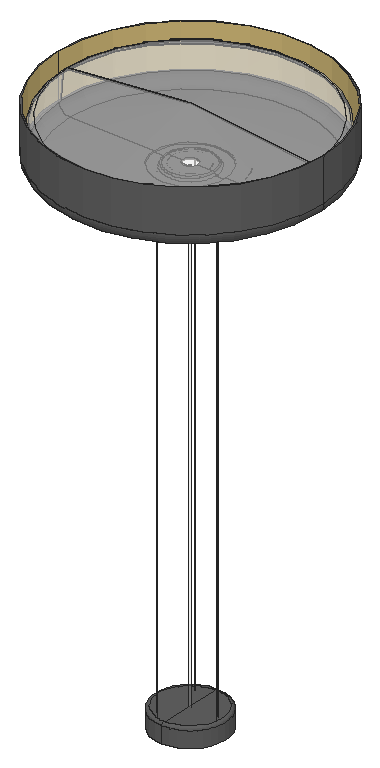
Revit family "PANZERI_GINEVRA_SUSPENSION_LIGHT", category Lighting Fixtures, host Face, Revit 2018
Family settings
  Host = Face
  Round Connector Dimension = Use Diameter
  Part Type = Normal
  OmniClass Number = 23.80.70.00
  OmniClass Title = Lighting
  Cut with Voids When Loaded = No
  Light Source = No
  Shared = No
  Room Calculation Point = Yes
Parameters (values of type "Ø53cm_3000K_Black")
  WEIGHT = if(DIAMETER = 530 mm, 6.27 kg, 10.97 kg)  # 6.27 kg
  WATTAGE = if(DIAMETER = 530 mm, 36 W, 82 W)  # 36 W
  VOLTAGE = 0 V
  USAGE = "INDOOR - SUSPENSION"  # constant formula
  URL = "https://panzeri.it/en/"
  Type Comments = "Direct and indirect light emission."  # constant formula
  TOTAL HEIGHT [instance] = CABLE LENGTH + HEIGHT  # 1110 mm
  TECHNICAL SHEET = "https://panzeri.it/en/products/product-family/design/indoor/ginevra/111/"
  STRUCTURE MATERIAL = PANZERI_ALUMINIUM_POLYACRYLIC_PAINT_MAT_BLACK_06
  Light Source Symbol Size = 300 mm
  LIGHTING SPECIFICATION = "LED 36W | 3000K | Ra>90 | 2916lm | 220-240V AC | dimmable (DALI|Push DIM)"
  IP RATING = "IP20"  # constant formula
  IK RATING = ""
  HEIGHT = 110 mm
  FREQUENCY RANGE = "50/60Hz"  # constant formula
  FREQUENCY = 0 Hz
  DIAMETER = 530 mm
  PRODUCT SHEET = "https://www.archiproducts.com/en/products/panzeri/led-direct-indirect-light-pendant-lamp-ginevra-pendant-lamp_349955"
  PRODUCT CODE = "L09280.050.0402"
  POWER SUPPLY = "220-240V AC"  # constant formula
  PACKAGING = if(DIAMETER = 530 mm, "20,0 x 62,0 x 62,0 cm", if(DIAMETER = 800 mm, "18,0 x 90,0 x 90,0 cm", ""))  # "20,0 x 62,0 x 62,0 cm"
  Model = "GINEVRA SUSPENSION"  # constant formula
  Manufacturer = "PANZERI"  # constant formula
  MATERIAL DESCRIPTION = "Pickled sheet metal cap in polyacrylic paint. Turned aluminium structure in polyacrylic paint. Pickled sheet metal wiring support plate in polyacrylic paint. Moulded polycarbonate micro-prismatic diffuser. 2m <78,7in> long steel suspension cables. 2,2m <86,6in> long power cable in transparent PVC."  # constant formula
  Lamp = "LED"  # constant formula
  LAMP MATERIAL = PANZERI_POLYCARBONATE_OPALINE_SCREEN_Light_on
  INSTALLATION INSTRUCTIONS = "https://panzeri.it/en/products/product-family/design/indoor/ginevra/111/"
  ENERGY EFFICIENCY CLASS = "N/D"  # constant formula
  Description = "Suspension lighting fixture for interiors, with direct and indirect light emission. "  # constant formula
  Default Elevation = 1219.2 mm
  DESIGNER = "Christian Burtolf"  # constant formula
  COLOR RENDERING INDEX = "Ra>90"  # constant formula
  COLLECTION = "GINEVRA"  # constant formula
  CANOPY_VISIBILITY = yes
  CANOPY MATERIAL = PANZERI_ALUMINIUM_POLYACRYLIC_PAINT_MAT_BLACK_06
  CABLE MATERIAL = PANZERI_PVC_TRANSPARENT
  CABLE LENGTH_CONTROL [instance] = 1000 mm
  CABLE LENGTH [instance] = if(CABLE LENGTH_CONTROL > 2000 mm, 2000 mm, if(CABLE LENGTH_CONTROL < 1 mm, 1 mm, CABLE LENGTH_CONTROL))  # 1000 mm
  BODY AND LIGHT SOURCE = 1_Body_LightSource_PANZERI_GINEVRA_SUSPENSION_LIGHT : Ø53cm_3000K
  BIM USER MANUAL = "https://bimcad.edilportale.com/PANZERI-BIM-USER-MANUAL-PANZERI-bim.pdf"
  BIM BADGE = "https://bim.archiproducts.com/en/badge/bim-archiproducts-featured_658700/about"
  BIM AUTHOR = "https://bim.archiproducts.com"
  Apparent Load = 0 VA
  AVAILABLE FINISHES = "Structure: mat black and gold or white and gold; Canopy: white or mat black. CUSTOM finishes available only on request."  # constant formula
  ACCESSORIES = "DRIVER: integrated included | Power canopy and covering inclued"  # constant formula
Types (2, lengths in mm): name | WEIGHT | WATTAGE | TOTAL HEIGHT | LIGHTING SPECIFICATION | HEIGHT | DIAMETER | PRODUCT CODE | PACKAGING | BODY AND LIGHT SOURCE
  Ø53cm_3000K_Black | 6.27 kg | 36 W | 1110 | "LED 36W | 3000K | Ra>90 | 2916lm | 220-240V AC | dimmable (DALI|Push DIM)" | 110 | 530 | "L09280.050.0402" | "20,0 x 62,0 x 62,0 cm" | 1_Body_LightSource_PANZERI_GINEVRA_SUSPENSION_LIGHT : Ø53cm_3000K
  Ø80cm_3000K_Black | 10.97 kg | 82 W | 1140 | "LED 82W | 3000K | Ra>90 | 7782lm | 220-240V AC | dimmable (DALI|Push DIM)" | 140 | 800 | "L09280.080.0402" | "18,0 x 90,0 x 90,0 cm" | 1_Body_LightSource_PANZERI_GINEVRA_SUSPENSION_LIGHT : Ø80cm_3000K
Reference planes
  plane 1 "Center (Front/Back)": y = 0
  plane 2: z = 0
  plane 3 "Center (Left/Right)": x = 0
  plane 4 "LIGHT SOURCE PLAN": z = 1110
  plane 5 "BOTTOM": z = 1000
  plane 6: z = 1110
Forms (mm)
  Revolve 1, solid, material "PANZERI_ALUMINIUM_POLYACRYLIC_PAINT_MAT_BLACK_06" <- "CANOPY MATERIAL", visible <- "CANOPY_VISIBILITY", detail levels fine
    sketch origin (0, 0, 0) x (0, 1, 0) y (0, 0, 1)
      loop
        arc (70, 31.392) -> (68.357, 35.357) -> (64.392, 37) r 5.608
        line (64.392, 37) -> (0, 37) -> (0, 0) -> (70, 0) -> (70, 31.392)
      axis (0, 0) -> (0, 37)
    angle from 0 to 360
  Extrusion 2, solid, material "PANZERI_PVC_TRANSPARENT" <- "CABLE MATERIAL", detail levels medium+fine
    sketch origin (-25.712, 14.332, 0) x (1, 0, 0) y (0, 1, 0)
      loop
        circle (-1.797, 33.292) r 1.028
    from 0 to 1000
  Extrusion 3, solid, detail levels medium
    sketch origin (0, 0, 0) x (1, 0, 0) y (0, 1, 0)
      loop
        circle (0, 0) r 265
    from 1000 to 1110
  Extrusion 4, solid, material "PANZERI_PVC_TRANSPARENT" <- "CABLE MATERIAL", detail levels medium+fine
    sketch origin (25.268, 15.101, 0) x (-0.5, -0.866025, 0) y (0.866025, -0.5, 0)
      loop
        circle (-1.797, 33.292) r 1.028
    from 0 to 1000
  Extrusion 5, solid, material "PANZERI_PVC_TRANSPARENT" <- "CABLE MATERIAL", detail levels medium+fine
    sketch origin (0.444, -29.434, 0) x (-0.5, 0.866025, 0) y (-0.866025, -0.5, 0)
      loop
        circle (-1.797, 33.292) r 1.028
    from 0 to 1000
  Extrusion 6, solid, material "PANZERI_PVC_TRANSPARENT" <- "CABLE MATERIAL", detail levels medium+fine
    sketch origin (0, 0, 0) x (1, 0, 0) y (0, 1, 0)
      loop
        circle (0, 0) r 2.908
    from 0 to 1000
Lines and regions (mm)
  symbolic lines, detail levels coarse
    curve 1: line (0, 0, 0) -> (0, 0, 1000)
    curve 2: line (0, 0, 0) -> (0, 0, 1000)
Dimensions and locks
  "CABLE LENGTH": plane 5 "BOTTOM" to plane 2
  "HEIGHT": plane 6 to plane 5 "BOTTOM"
  "DIAMETER": diameter of Extrusion 3 sketch curve
  aligned and locked: plane 2 to host face
  aligned and locked: level to host face
  aligned and locked: plane 5 "BOTTOM" to Extrusion 2
  aligned and locked: plane 6 to Extrusion 3
  aligned and locked: Extrusion 3 to plane 5 "BOTTOM"
  aligned and locked: plane 4 "LIGHT SOURCE PLAN" to plane 6
  aligned and locked: plane 5 "BOTTOM" to Extrusion 6
  aligned and locked: plane 5 "BOTTOM" to curve 1
  aligned and locked: plane 5 "BOTTOM" to curve 2
Automatic sketch dimensions
  host sketch curve to host sketch curve = 2438.4 mm  (x2)
  plane 1 "Center (Front/Back)" to Extrusion 3 sketch curve = 0 mm
  Extrusion 3 sketch curve to plane 3 "Center (Left/Right)" = 0 mm
  Revolve 1 sketch curve to plane 1 "Center (Front/Back)" = 0 mm  (x2)
  Revolve 1 sketch curve to level = 0 mm
  Revolve 1 sketch curve to plane 1 "Center (Front/Back)" = 64.392 mm
  Revolve 1 sketch curve to Revolve 1 sketch curve = 5.608 mm
  level to Revolve 1 sketch curve = 31.392 mm
  Revolve 1 sketch curve to level = 10 mm
  Revolve 1 sketch curve to Revolve 1 sketch curve = 153 mm
  plane 1 "Center (Front/Back)" to Extrusion 6 sketch curve = 0 mm
  Extrusion 6 sketch curve to plane 3 "Center (Left/Right)" = 0 mm
  curve 1 to plane 3 "Center (Left/Right)" = 0 mm
  curve 1 to level = 0 mm
  curve 2 to plane 1 "Center (Front/Back)" = 0 mm
  curve 2 to level = 0 mm
  radius of Extrusion 2 sketch curve = 1.028 mm
  radius of Extrusion 4 sketch curve = 1.028 mm
  radius of Extrusion 5 sketch curve = 1.028 mm
  radius of Extrusion 6 sketch curve = 2.908 mm
Nested families
  nested 1: "Lighting symbol" at (0, 0, 0) x (0.7071, -0.7071, 0) z (0, 0, 1), Light Source Symbol Size <- "Light Source Symbol Size", type "Lighting symbol", detail levels coarse
    with Light Source Symbol Size 300 mm
  nested 2: "1_Body_LightSource_PANZERI_GINEVRA_SUSPENSION_LIGHT" at (0.023, 0, 1000) x (0, -1, 0) z (0, 0, 1), LAMP MATERIAL <- "LAMP MATERIAL", STRUCTURE MATERIAL <- "STRUCTURE MATERIAL", type <- "BODY AND LIGHT SOURCE", type "Ø53cm_3000K"
    with STRUCTURE MATERIAL PANZERI_ALUMINIUM_POLYACRYLIC_PAINT_MAT_BLACK_06, LAMP MATERIAL PANZERI_POLYCARBONATE_OPALINE_SCREEN_Light_on
Connectors
  electrical at (0, 0, 0), driven by "VOLTAGE", driven by "Apparent Load"
    settings: index 1, voltage 0 V, apparent load 0 VA, apparent load phase1 0 VA, apparent load phase2 0 VA, apparent load phase3 0 VA, power factor 1, load classification "Lighting", number of poles 1, system type 30, power factor state 1, is connector primary yes, connector utility no, sub classification motor no, connector description ""
Definition of nested family "1_Body_LightSource_PANZERI_GINEVRA_SUSPENSION_LIGHT"
  Parameters (values of type "Ø53cm_3000K")
    Wattage = 19.6308 W
    built-in parameter 1150110 = 1 (stored number, unit not read)
    built-in parameter 1114217 = 1 (stored number, unit not read)
    Tilt Angle = -90.00°  # constant formula
    built-in parameter 1150109 = 1 (stored number, unit not read)
    built-in parameter 1150134 = (empty or 0)
    built-in parameter 1150113 = 1 (stored number, unit not read)
    STRUCTURE MATERIAL [instance] = none
    R = if(DIAMETER = 530 mm, 265 mm, 400 mm)  # 265 mm
    Photometric Web File = "Ginevra L092__.050.0402-4528.IES"
    Model = "GINEVRA SUSPENSION"
    built-in parameter 1150105 = 764.77 (stored number, unit not read)
    Lumens = 2916 lm
    built-in parameter 1150115 = 1 (stored number, unit not read)
    built-in parameter 1150137 = (empty or 0)
    built-in parameter 1150139 = (empty or 0)
    built-in parameter 1150112 = 1 (stored number, unit not read)
    built-in parameter 1150114 = 1 (stored number, unit not read)
    LAMP MATERIAL [instance] = none
    built-in parameter 1150132 = 2
    built-in parameter 1150102 = (empty or 0)
    built-in parameter 1150107 = 3000 (stored number, unit not read)
    built-in parameter 1150138 = (empty or 0)
    built-in parameter 1150106 = 7.6477 (stored number, unit not read)
    H = if(DIAMETER = 530 mm, 110 mm, 140 mm)  # 110 mm
    built-in parameter 1150104 = 13.8 (stored number, unit not read)
    Dimming Lamp Color Temperature Shift = (empty or 0)
    Default Elevation = 1219.2 mm
    DIAMETER = 530 mm
    Color Filter = 16777215
    built-in parameter 1114218 = 1 (stored number, unit not read)
    BODY 80CM = if(DIAMETER = 530 mm, 1 = 0, 1 = 1)  # no
    BODY 53CM = not(BODY 80CM)  # yes
    built-in parameter 1150133 = 10 (stored number, unit not read)
  Types (2, lengths in mm): name | Wattage | R | Photometric Web File | built-in parameter 1150105 | Lumens | built-in parameter 1150106 | H | DIAMETER | BODY 80CM | BODY 53CM
    Ø53cm_3000K | 19.6308 W | 265 | "Ginevra L092__.050.0402-4528.IES" | 764.77 (stored number, unit not read) | 2916 lm | 7.6477 (stored number, unit not read) | 110 | 530 | no | yes
    Ø80cm_3000K | 52.3892 W | 400 | "Ginevra L092__.080.0402-10285.IES" | 2041 (stored number, unit not read) | 7782 lm | 20.41 (stored number, unit not read) | 140 | 800 | yes | no
  Reference planes
    plane 1 "Light Source Axis (F/B)": y = 0
    plane 2: z = 0
    plane 3 "Light Source Axis (L/R)": x = 0
    plane 4 "Light Source Elevation": z = 15.231
    plane 5 "1": y = 0
  Forms (mm)
    Revolve 1, solid, material <- "STRUCTURE MATERIAL", visible <- "BODY 53CM", detail levels fine
      sketch origin (0, 0, 0) x (0, 1, 0) y (0, 0, 1)
        loop
          line (265.215, 110) -> (263.238, 110) -> (263.238, 25)
          arc (263.238, 25) -> (256.501, 8.737) -> (240.238, 2) r 23
          line (240.238, 2) -> (70.342, 2) -> (70.342, 0) -> (240.215, 0)
          arc (240.215, 0) -> (257.893, 7.322) -> (265.215, 25) r 25
          line (265.215, 25) -> (265.215, 110)
        axis (0, 110) -> (0, 0)
      angle from 0 to 360
    Revolve 2, solid, material <- "STRUCTURE MATERIAL", detail levels fine
      sketch origin (0, 0, 0) x (0, 1, 0) y (0, 0, 1)
        loop
          line (96.715, -1.2) -> (96.715, 0) -> (50.736, 0)
          arc (50.736, 0) -> (47.973, 1.181) -> (46.918, 3.995) r 3.822
          arc (46.918, 3.995) -> (46.449, 5.258) -> (45.215, 5.8) r 1.727
          line (45.215, 5.8) -> (14.293, 5.8) -> (14.293, 4.6) -> (45.215, 4.6)
          arc (45.215, 4.6) -> (45.584, 4.447) -> (45.724, 4.073) r 0.501
          arc (45.724, 4.073) -> (47.089, 0.362) -> (50.721, -1.2) r 5.005
          line (50.721, -1.2) -> (96.715, -1.2)
        axis (0, 5.8) -> (0, -1.2)
      angle from 0 to 360
    Revolve 3, solid, material <- "LAMP MATERIAL", detail levels fine
      sketch origin (0, 0, 0) x (0, 1, 0) y (0, 0, 1)
        loop
          arc (34.823, 0.629) -> (35.87, 1.349) -> (36.274, 2.555) r 2.003
          line (36.274, 2.555) -> (36.274, 4.6) -> (35.003, 4.6) -> (35.003, 2.911)
          arc (35.003, 2.911) -> (34.799, 2.303) -> (34.27, 1.94) r 1.011
          line (34.27, 1.94) -> (28.728, 0.35) -> (0, -3.177) -> (0, -4.442) -> (0.972, -4.442)
          arc (0.972, -4.442) -> (1.537, -4.424) -> (2.101, -4.369) r 8.76
          line (2.101, -4.369) -> (30.076, -0.732) -> (34.823, 0.629)
        axis (0, 4.6) -> (0, -4.442)
      angle from 0 to 360
    Revolve 4, solid, material <- "LAMP MATERIAL", visible <- "BODY 53CM", detail levels fine
      sketch origin (0, 0, 0) x (0, 1, 0) y (0, 0, 1)
        loop
          line (257.715, 24.8) -> (254.125, 76.144)
          arc (254.125, 76.144) -> (250.91, 83.77) -> (243.703, 87.837) r 12.803
          arc (243.703, 87.837) -> (122.37, 105.101) -> (0, 111.823) r 1417.942
          line (0, 111.823) -> (0, 109.672)
          arc (0, 109.672) -> (122.172, 102.959) -> (243.299, 85.674) r 1415.791
          arc (243.299, 85.674) -> (249.268, 82.306) -> (251.93, 75.991) r 10.603
          line (251.93, 75.991) -> (255.51, 24.8) -> (257.715, 24.8)
        axis (0, 111.823) -> (0, 24.8)
      angle from 0 to 360
    Revolve 5, solid, material <- "STRUCTURE MATERIAL", visible <- "BODY 80CM", detail levels fine
      sketch origin (0, 0, 0) x (0, 1, 0) y (0, 0, 1)
        loop
          line (400.018, 134) -> (398.018, 134) -> (398.018, 25)
          arc (398.018, 25) -> (391.281, 8.737) -> (375.018, 2) r 23
          line (375.018, 2) -> (70.342, 2) -> (70.342, 0) -> (375.018, 0)
          arc (375.018, 0) -> (392.696, 7.322) -> (400.018, 25) r 25
          line (400.018, 25) -> (400.018, 134)
        axis (0, 134) -> (0, 0)
      angle from 0 to 360
    Revolve 6, solid, material <- "LAMP MATERIAL", visible <- "BODY 80CM", detail levels fine
      sketch origin (0, 0, 0) x (0, 1, 0) y (0, 0, 1)
        loop
          line (391.942, 29.2) -> (388.628, 76.614)
          arc (388.628, 76.614) -> (385.568, 84.251) -> (378.629, 88.669) r 13.428
          arc (378.629, 88.669) -> (190.872, 125.085) -> (0, 137.181) r 1491.854
          line (0, 137.181) -> (0, 134.981)
          arc (0, 134.981) -> (190.592, 122.903) -> (378.072, 86.541) r 1489.654
          arc (378.072, 86.541) -> (383.875, 82.846) -> (386.433, 76.461) r 11.228
          line (386.433, 76.461) -> (389.737, 29.2) -> (391.942, 29.2)
        axis (0, 137.181) -> (0, 29.2)
      angle from 0 to 360
    Revolve 7, solid, detail levels medium
      sketch origin (0, 0, 0) x (0, 1, 0) y (0, 0, 1)
        loop
          line (0, -1.2) -> (265, -1.2) -> (265, 110) -> (0, 110) -> (0, -1.2)
        axis (0, 110) -> (0, -1.2)
      angle from 0 to 360
  Lines and regions (mm)
    symbolic lines, detail levels coarse
      curve 1: line (-265, 0, 110) -> (265, 0, 110)
      curve 2: line (-265, 0, 0) -> (-265, 0, 110)
      curve 3: line (265, 0, 0) -> (-265, 0, 0)
      curve 4: line (265, 0, 110) -> (265, 0, 0)
      curve 5: line (0, 265, 110) -> (0, -265, 110)
      curve 6: line (0, 265, 0) -> (0, 265, 110)
      curve 7: line (0, -265, 0) -> (0, 265, 0)
      curve 8: line (0, -265, 110) -> (0, -265, 0)
  Dimensions and locks
    "R": Revolve 7 sketch curve to plane 1 "Light Source Axis (F/B)"
    "H": plane 2 to Revolve 7 sketch curve
    equal spacing: curve 4, plane 3 "Light Source Axis (L/R)", curve 2
    "DIAMETER": curve 4 to curve 2
    "H": curve 1 to plane 2
    equal spacing: curve 6, plane 1 "Light Source Axis (F/B)", curve 8
    "DIAMETER": curve 6 to curve 8
    "H": plane 2 to curve 5
    aligned and locked: imposter light to plane 5 "1"
    aligned and locked: imposter light to plane 1 "Light Source Axis (F/B)"
    aligned and locked: level to plane 2
  Automatic sketch dimensions
    Revolve 1 sketch curve to plane 1 "Light Source Axis (F/B)" = 0 mm
    Revolve 1 sketch curve to level = 0 mm
    level to Revolve 1 sketch curve = 2 mm
    Revolve 1 sketch curve to plane 1 "Light Source Axis (F/B)" = 70.342 mm
    level to Revolve 1 sketch curve = 25 mm
    Revolve 1 sketch curve to Revolve 1 sketch curve = 169.895 mm
    Revolve 1 sketch curve to Revolve 1 sketch curve = 1.977 mm
    Revolve 1 sketch curve to Revolve 1 sketch curve = 85 mm
    Revolve 1 sketch curve to level = 20 mm
    level to Revolve 1 sketch curve = 190 mm
    Revolve 1 sketch curve to Revolve 1 sketch curve = 0.023 mm
    Revolve 2 sketch curve to plane 1 "Light Source Axis (F/B)" = 0 mm
    Revolve 2 sketch curve to level = 0 mm
    level to Revolve 2 sketch curve = 5.8 mm
    Revolve 2 sketch curve to plane 1 "Light Source Axis (F/B)" = 14.293 mm
    level to Revolve 2 sketch curve = 4.073 mm
    Revolve 2 sketch curve to Revolve 2 sketch curve = 30.9 mm
    Revolve 2 sketch curve to Revolve 2 sketch curve = 0.022 mm  (x2)
    Revolve 2 sketch curve to Revolve 2 sketch curve = 0.031 mm
    Revolve 2 sketch curve to level = 1.2 mm
    Revolve 2 sketch curve to Revolve 2 sketch curve = 5.497 mm
    Revolve 2 sketch curve to Revolve 2 sketch curve = 0.014 mm
    Revolve 2 sketch curve to Revolve 2 sketch curve = 45.994 mm
    level to Revolve 2 sketch curve = 3.805 mm
    Revolve 2 sketch curve to Revolve 2 sketch curve = 0.017 mm
    Revolve 2 sketch curve to Revolve 2 sketch curve = 0.026 mm
    Revolve 2 sketch curve to Revolve 2 sketch curve = 1.2 mm
    Revolve 2 sketch curve to level = 32.406 mm
    Revolve 2 sketch curve to Revolve 2 sketch curve = 61.794 mm
    Revolve 3 sketch curve to plane 1 "Light Source Axis (F/B)" = 0 mm  (x2)
    Revolve 3 sketch curve to plane 1 "Light Source Axis (F/B)" = 0.972 mm
    Revolve 3 sketch curve to Revolve 3 sketch curve = 1.129 mm
    level to Revolve 3 sketch curve = 0.35 mm
    Revolve 3 sketch curve to Revolve 3 sketch curve = 26.627 mm
    Revolve 3 sketch curve to level = 0.732 mm
    Revolve 3 sketch curve to Revolve 3 sketch curve = 1.349 mm
    Revolve 3 sketch curve to Revolve 3 sketch curve = 3.915 mm
    level to Revolve 3 sketch curve = 1.94 mm
    Revolve 3 sketch curve to Revolve 3 sketch curve = 0.279 mm  (x2)
    level to Revolve 3 sketch curve = 0.629 mm
    Revolve 3 sketch curve to Revolve 3 sketch curve = 0.552 mm
    Revolve 3 sketch curve to Revolve 3 sketch curve = 1.011 mm
    Revolve 3 sketch curve to Revolve 3 sketch curve = 1.271 mm
    Revolve 3 sketch curve to level = 3.177 mm
    Revolve 3 sketch curve to Revolve 3 sketch curve = 1.192 mm
    Revolve 3 sketch curve to Revolve 3 sketch curve = 2.045 mm
    Revolve 3 sketch curve to Revolve 3 sketch curve = 22.667 mm
    Revolve 3 sketch curve to Revolve 3 sketch curve = 40.682 mm
    Revolve 4 sketch curve to Revolve 4 sketch curve = 0 mm  (x4)
    Revolve 4 sketch curve to plane 1 "Light Source Axis (F/B)" = 0 mm  (x2)
    plane 1 "Light Source Axis (F/B)" to Revolve 4 sketch curve = 16.523 mm
    level to Revolve 4 sketch curve = 75.251 mm
    Revolve 4 sketch curve to plane 1 "Light Source Axis (F/B)" = 241.353 mm
    level to Revolve 4 sketch curve = 75.991 mm
    Revolve 4 sketch curve to Revolve 4 sketch curve = 10.577 mm
    Revolve 4 sketch curve to Revolve 4 sketch curve = 2.195 mm
    Revolve 4 sketch curve to level = 1306.023 mm
    level to Revolve 4 sketch curve = 109.672 mm
    Revolve 4 sketch curve to Revolve 4 sketch curve = 2.151 mm
    Revolve 4 sketch curve to Revolve 4 sketch curve = 0.404 mm
    Revolve 4 sketch curve to Revolve 4 sketch curve = 0.009 mm
    Revolve 4 sketch curve to Revolve 4 sketch curve = 2.205 mm
    level to Revolve 4 sketch curve = 24.8 mm
    Revolve 4 sketch curve to level = 75 mm
    Revolve 4 sketch curve to Revolve 4 sketch curve = 63.177 mm
    Revolve 5 sketch curve to plane 1 "Light Source Axis (F/B)" = 0 mm
    Revolve 5 sketch curve to level = 0 mm
    level to Revolve 5 sketch curve = 2 mm
    Revolve 5 sketch curve to plane 1 "Light Source Axis (F/B)" = 70.342 mm
    Revolve 5 sketch curve to plane 4 "Light Source Elevation" = 9.769 mm
    Revolve 5 sketch curve to Revolve 5 sketch curve = 304.676 mm
    Revolve 5 sketch curve to Revolve 5 sketch curve = 0 mm
    Revolve 5 sketch curve to Revolve 5 sketch curve = 2 mm
    Revolve 5 sketch curve to Revolve 5 sketch curve = 109 mm
    Revolve 5 sketch curve to level = 20 mm
    Revolve 5 sketch curve to plane 4 "Light Source Elevation" = 174.769 mm
    Revolve 6 sketch curve to Revolve 6 sketch curve = 0 mm  (x6)
    Revolve 6 sketch curve to plane 1 "Light Source Axis (F/B)" = 0 mm  (x2)
    Revolve 6 sketch curve to plane 1 "Light Source Axis (F/B)" = 1.277 mm
    Revolve 6 sketch curve to plane 4 "Light Source Elevation" = 60.446 mm
    Revolve 6 sketch curve to plane 1 "Light Source Axis (F/B)" = 375.232 mm
    Revolve 6 sketch curve to plane 4 "Light Source Elevation" = 61.229 mm
    Revolve 6 sketch curve to Revolve 6 sketch curve = 11.201 mm
    Revolve 6 sketch curve to plane 4 "Light Source Elevation" = 61.383 mm
    Revolve 6 sketch curve to Revolve 6 sketch curve = 2.195 mm
    Revolve 6 sketch curve to plane 4 "Light Source Elevation" = 13.969 mm
    Revolve 6 sketch curve to level = 1354.671 mm
    Revolve 6 sketch curve to level = 75 mm
    Revolve 6 sketch curve to Revolve 6 sketch curve = 37.819 mm
    curve 3 to level = 0 mm
    curve 7 to level = 0 mm
    Revolve 7 sketch curve to plane 1 "Light Source Axis (F/B)" = 0 mm  (x2)
    Revolve 7 sketch curve to level = 1.2 mm
    Revolve 7 sketch curve to Revolve 7 sketch curve = 163.569 mm
    Revolve 7 sketch curve to Revolve 7 sketch curve = 96.231 mm
Definition of nested family "Lighting symbol"
  Parameters (values of type "Lighting symbol")
    Light Source Symbol Size [instance] = 350 mm
  Reference planes
    plane 1 "Center (Front/Back)": y = 0
    plane 2: z = 0
    plane 3 "Center (Left/Right)": x = 0
  Lines and regions (mm)
    detail lines, in view "Ref. Level", detail levels coarse
      curve 1: circle (0, 0, 0) r 175 normal (0, 0, 1)
      curve 2: line (175, 0, 0) -> (-175, 0, 0)
      curve 3: line (0, 175, 0) -> (0, -175, 0)
  Dimensions and locks
    "Light Source Symbol Size": diameter of curve 1
    aligned and locked: curve 3 to plane 3 "Center (Left/Right)"
    aligned and locked: curve 2 to plane 1 "Center (Front/Back)"
  Automatic sketch dimensions
    plane 1 "Center (Front/Back)" to curve 1 = 0 mm
    curve 1 to plane 3 "Center (Left/Right)" = 0 mm
